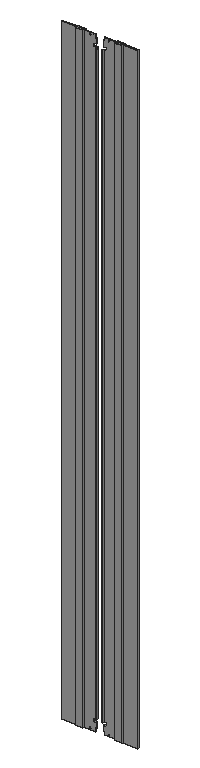
Revit family "ITK by ZPAS_ Фальшпанель вертикальная_ 42U-47U_600 мм", category Обобщенные модели, Revit 2019
Family settings
  Может служить основой для арматурных стержней = Нет
  Размер круглого соединителя = Использовать диаметр
  Тип детали = Нормальный
  На основе рабочей плоскости = Нет
  Всегда вертикально = Да
  При загрузке вырезать с полостями = Нет
  Общий = Нет
  Точка расчета площади = Нет
Parameters (values of type "В2100_Черная")
  Ширина = 500 mm
  Материал = Окраска - RAL 9005
  Изготовитель = "ITK"  # constant formula
  Дата изменения = ""
  Высота = 2100 mm
  URL = "https://www.iek.ru/"
  KSI_CPr_Строительные изделия = "61.1.04.08"  # constant formula
  KSI_CMa_Строительные материалы = "10.03.02.06"  # constant formula
  IEK_Цена за единицу = 22690.73
  IEK_Поиск в таблице имен = ""
  IEK_Описание = "Закрывают пространство между 19-дюймовыми монтажными профилями и боковой панелью шкафа. В фальшпанелях для шкафов шириной 600 мм предусмотрены отверстия для кабельных колец и установки кабельных каналов высотой 1U, что позволяет устанавливать различное дополнительное оборудование. Фальшпанели крепятся к монтажным профилям без использования инструментов."
  IEK_URL = "https://www.itk-group.ru/produktsiya/catalog/oborudovanie_telekommunikatsionnoe/kompleksnye_resheniya_dlya_tsod/shkafy_i_aksessuary_dlya_tsod/komplektuyushchie_i_aksessuary_dlya_shkafov_itk_by_zpas/paneli_peregorodki_itk_by_zpas/itk_by_zpas_falsh_panel_vertikalnaya_19_47u_600mm_chernaya_2sht_kompl"
  ADSK_Примечание = ""
  ADSK_Позиция [instance] = ""
  ADSK_Наименование = "ITK by ZPAS Фальшпанель вертикальная 19\" 47U 600 черная (2шт/компл)"
  ADSK_Материал обозначение = ""
  ADSK_Материал наименование = "Листовая сталь"  # constant formula
  ADSK_Масса = 27
  ADSK_Марка = "by ZPAS"  # constant formula
  ADSK_Код изделия = "ZP-FP05-47U-V-0600"
  ADSK_Завод-изготовитель = "IEK"  # constant formula
  ADSK_Единица измерения = "компл"  # constant formula
  ADSK_Группирование = "I. ЩИТЫ И ПУЛЬТЫ"  # constant formula
  ADSK_Версия семейства = "1.0"  # constant formula
  ADSK_Версия Revit = "2019"  # constant formula
  ADSK_URL страницы изделия = "https://www.itk-group.ru/produktsiya/catalog/oborudovanie_telekommunikatsionnoe/kompleksnye_resheniya_dlya_tsod/shkafy_i_aksessuary_dlya_tsod/komplektuyushchie_i_aksessuary_dlya_shkafov_itk_by_zpas/paneli_peregorodki_itk_by_zpas/?pagec=100"
Types (6, lengths in mm): name | Материал | Высота | IEK_Цена за единицу | IEK_Описание | IEK_URL | ADSK_Наименование | ADSK_Масса | ADSK_Код изделия
  В1900_Черная | Окраска - RAL 9005 | 1900 | 20227.33 | "Закрывают пространство между 19-дюймовыми монтажными профилями и боковой панелью шкафа. В фальшпанелях для шкафов шириной 800 мм предусмотрены отверстия для кабельных колец и установки кабельных каналов высотой 1U, что позволяет устанавливать различное дополнительное оборудование. Фальшпанели крепятся к монтажным профилям без использования инструментов." | "https://www.itk-group.ru/produktsiya/catalog/oborudovanie_telekommunikatsionnoe/kompleksnye_resheniya_dlya_tsod/shkafy_i_aksessuary_dlya_tsod/komplektuyushchie_i_aksessuary_dlya_shkafov_itk_by_zpas/paneli_peregorodki_itk_by_zpas/itk_by_zpas_falsh_panel_vertikalnaya_19_42u_600mm_chernaya_2sht_kompl" | "ITK by ZPAS Фальшпанель вертикальная 19\" 42U 600 черная (2шт/компл)" | 23 | "ZP-FP05-42U-V-0600"
  В2000_Черная | Окраска - RAL 9005 | 2000 | 21716.29 | "Закрывают пространство между 19-дюймовыми монтажными профилями и боковой панелью шкафа. В фальшпанелях для шкафов шириной 600 мм предусмотрены отверстия для кабельных колец и установки кабельных каналов высотой 1U, что позволяет устанавливать различное дополнительное оборудование. Фальшпанели крепятся к монтажным профилям без использования инструментов." | "https://www.itk-group.ru/produktsiya/catalog/oborudovanie_telekommunikatsionnoe/kompleksnye_resheniya_dlya_tsod/shkafy_i_aksessuary_dlya_tsod/komplektuyushchie_i_aksessuary_dlya_shkafov_itk_by_zpas/paneli_peregorodki_itk_by_zpas/itk_by_zpas_falsh_panel_vertikalnaya_19_45u_600mm_chernaya_2sht_kompl" | "ITK by ZPAS Фальшпанель вертикальная 19\" 45U 600 черная (2шт/компл)" | 25 | "ZP-FP05-45U-V-0600"
  В2100_Черная | Окраска - RAL 9005 | 2100 | 22690.73 | "Закрывают пространство между 19-дюймовыми монтажными профилями и боковой панелью шкафа. В фальшпанелях для шкафов шириной 600 мм предусмотрены отверстия для кабельных колец и установки кабельных каналов высотой 1U, что позволяет устанавливать различное дополнительное оборудование. Фальшпанели крепятся к монтажным профилям без использования инструментов." | "https://www.itk-group.ru/produktsiya/catalog/oborudovanie_telekommunikatsionnoe/kompleksnye_resheniya_dlya_tsod/shkafy_i_aksessuary_dlya_tsod/komplektuyushchie_i_aksessuary_dlya_shkafov_itk_by_zpas/paneli_peregorodki_itk_by_zpas/itk_by_zpas_falsh_panel_vertikalnaya_19_47u_600mm_chernaya_2sht_kompl" | "ITK by ZPAS Фальшпанель вертикальная 19\" 47U 600 черная (2шт/компл)" | 27 | "ZP-FP05-47U-V-0600"
  В1900_Серая | Окраска - RAL 7035 | 1900 | 20227.33 | "Закрывают пространство между 19-дюймовыми монтажными профилями и боковой панелью шкафа. В фальшпанелях для шкафов шириной 600 мм предусмотрены отверстия для кабельных колец и установки кабельных каналов высотой 1U, что позволяет устанавливать различное дополнительное оборудование. Фальшпанели крепятся к монтажным профилям без использования инструментов." | "https://www.itk-group.ru/produktsiya/catalog/oborudovanie_telekommunikatsionnoe/kompleksnye_resheniya_dlya_tsod/shkafy_i_aksessuary_dlya_tsod/komplektuyushchie_i_aksessuary_dlya_shkafov_itk_by_zpas/paneli_peregorodki_itk_by_zpas/itk_by_zpas_falsh_panel_vertikalnaya_19_42u_600mm_seraya_2sht_kompl" | "ITK by ZPAS Фальшпанель вертикальная 19\" 42U 600 серая (2шт/компл)" | 23 | "ZP-FP35-42U-V-0600"
  В2000_Серая | Окраска - RAL 7035 | 2000 | 21716.29 | "Закрывают пространство между 19-дюймовыми монтажными профилями и боковой панелью шкафа. В фальшпанелях для шкафов шириной 600 мм предусмотрены отверстия для кабельных колец и установки кабельных каналов высотой 1U, что позволяет устанавливать различное дополнительное оборудование. Фальшпанели крепятся к монтажным профилям без использования инструментов." | "https://www.itk-group.ru/produktsiya/catalog/oborudovanie_telekommunikatsionnoe/kompleksnye_resheniya_dlya_tsod/shkafy_i_aksessuary_dlya_tsod/komplektuyushchie_i_aksessuary_dlya_shkafov_itk_by_zpas/paneli_peregorodki_itk_by_zpas/itk_by_zpas_falsh_panel_vertikalnaya_19_45u_600mm_seraya_2sht_kompl" | "ITK by ZPAS Фальшпанель вертикальная 19\" 45U 600 серая (2шт/компл)" | 25 | "ZP-FP35-45U-V-0600"
  В2100_Серая | Окраска - RAL 7035 | 2100 | 22690.73 | "Закрывают пространство между 19-дюймовыми монтажными профилями и боковой панелью шкафа. В фальшпанелях для шкафов шириной 800 мм предусмотрены отверстия для кабельных колец и установки кабельных каналов высотой 1U, что позволяет устанавливать различное дополнительное оборудование. Фальшпанели крепятся к монтажным профилям без использования инструментов." | "https://www.itk-group.ru/produktsiya/catalog/oborudovanie_telekommunikatsionnoe/kompleksnye_resheniya_dlya_tsod/shkafy_i_aksessuary_dlya_tsod/komplektuyushchie_i_aksessuary_dlya_shkafov_itk_by_zpas/paneli_peregorodki_itk_by_zpas/itk_by_zpas_falsh_panel_vertikalnaya_19_47u_600mm_seraya_2sht_kompl" | "ITK by ZPAS Фальшпанель вертикальная 19\" 47U 600 серая (2шт/компл)" | 27 | "ZP-FP35-47U-V-0600"
Reference planes
  plane 1 "По центру (Вперед/Назад)": y = 0
  plane 2: z = 0
  plane 3 "По центру (Влево/Вправо)": x = 0
  plane 4: y = 5
  plane 5: z = 2100
  plane 6: z = 1050
  plane 7: z = 1575
  plane 8: z = 525
  plane 9: y = 4.25
Forms (mm)
  Extrusion 1, solid, material "Окраска - RAL 9005" <- "Материал", detail levels fine
    sketch origin (0, 0, 0) x (1, 0, 0) y (0, 1, 0)
      loop
        line (-11.5, 0) -> (-10, 0) -> (-10, 4.018)
        arc (-10, 4.018) -> (-10.288, 4.712) -> (-10.982, 5) r 0.982
        line (-10.982, 5) -> (-70, 5) -> (-70, 3.5) -> (-11.5, 3.5) -> (-11.5, 0)
      loop
        line (11.5, 0) -> (11.5, 3.5) -> (70, 3.5) -> (70, 5) -> (10.982, 5)
        arc (10.982, 5) -> (10.288, 4.712) -> (10, 4.018) r 0.982
        line (10, 4.018) -> (10, 0) -> (11.5, 0)
    from 0 to 2100 <- "Высота"
  Extrusion 2, void
    sketch origin (0, 0, 0) x (1, 0, 0) y (0, 0, 1)
      loop
        line (-14.233, 2100) -> (-14.233, 2090) -> (-12.455, 2090) -> (-12.455, 2070) -> (-22.455, 2070) -> (-22.455, 2062) -> (-10, 2062) -> (-10, 2100) -> (-14.233, 2100)
      loop
        circle (-31.868, 2095.413) r 2.541
      loop
        line (-14.233, 0) -> (-10, 0) -> (-10, 38) -> (-22.455, 38) -> (-22.455, 30) -> (-12.455, 30) -> (-12.455, 10) -> (-14.233, 10) -> (-14.233, 0)
      loop
        circle (-31.868, 4.587) r 2.541
      loop
        line (14.233, 2100) -> (10, 2100) -> (10, 2062) -> (22.455, 2062) -> (22.455, 2070) -> (12.455, 2070) -> (12.455, 2090) -> (14.233, 2090) -> (14.233, 2100)
      loop
        circle (31.868, 2095.413) r 2.541
      loop
        line (14.233, 0) -> (14.233, 10) -> (12.455, 10) -> (12.455, 30) -> (22.455, 30) -> (22.455, 38) -> (10, 38) -> (10, 0) -> (14.233, 0)
      loop
        circle (31.868, 4.587) r 2.541
    from 0 to -5
  Extrusion 3, solid, material "Окраска - RAL 9005", detail levels fine
    sketch origin (0, 0, 0) x (1, 0, 0) y (0, 1, 0)
      loop
        line (-54.018, 5) -> (-54.018, 10) -> (-77.854, 10) -> (-77.854, 6.755) -> (-127.854, 6.755) -> (-127.854, 1.745) -> (-77.854, 1.745) -> (-77.854, -1.5) -> (-54.018, -1.5) -> (-54.018, 3.5) -> (-70, 3.5) -> (-70, 5) -> (-54.018, 5)
      loop
        line (54.018, 5) -> (70, 5) -> (70, 3.5) -> (54.018, 3.5) -> (54.018, -1.5) -> (77.854, -1.5) -> (77.854, 1.745) -> (127.854, 1.745) -> (127.854, 6.755) -> (77.854, 6.755) -> (77.854, 10) -> (54.018, 10) -> (54.018, 5)
    from 0 to 2100 <- "Высота"
  Extrusion 4, solid, material "Условный материал-отделка", detail levels coarse+medium
    sketch origin (0, 0, 0) x (1, 0, 0) y (0, 1, 0)
      loop
        line (-127.854, -1.5) -> (-10, -1.5) -> (-10, 10) -> (-127.854, 10) -> (-127.854, -1.5)
      loop
        line (127.854, -1.5) -> (127.854, 10) -> (10, 10) -> (10, -1.5) -> (127.854, -1.5)
    from 0 to 2100 <- "Высота"
Cuts and joins
  Extrusion 2 cuts Extrusion 1
Dimensions and locks
  "Высота": plane 5 to level
  equal spacing: plane 5, plane 7, plane 6, plane 8, level
  aligned and locked: level to plane 2
  aligned and locked: plane 5 to Extrusion 1
  aligned and locked: plane 5 to Extrusion 2 sketch curve
  aligned and locked: Extrusion 2 sketch curve to plane 5
  aligned and locked: plane 4 to Extrusion 2
  aligned and locked: plane 4 to Extrusion 3 sketch curve
  aligned and locked: Extrusion 3 sketch curve to cut or joined group of Extrusion 1, Extrusion 2
  aligned and locked: Extrusion 4 sketch curve to Extrusion 3  (x2)
Automatic sketch dimensions
  plane 4 to Extrusion 4 sketch curve = 5 mm  (x2)
  Extrusion 4 sketch curve to plane 3 "По центру (Влево/Вправо)" = 10 mm
  plane 1 "По центру (Вперед/Назад)" to Extrusion 4 sketch curve = 1.5 mm  (x2)
  plane 3 "По центру (Влево/Вправо)" to Extrusion 4 sketch curve = 10 mm
  Extrusion 2 sketch curve to level = 0 mm  (x2)
  Extrusion 2 sketch curve to plane 5 = 0 mm
  Extrusion 2 sketch curve to Extrusion 2 sketch curve = 2.455 mm  (x4)
  Extrusion 2 sketch curve to plane 3 "По центру (Влево/Вправо)" = 12.455 mm
  Extrusion 2 sketch curve to Extrusion 2 sketch curve = 4.233 mm  (x2)
  Extrusion 2 sketch curve to Extrusion 2 sketch curve = 1.778 mm  (x2)
  Extrusion 2 sketch curve to Extrusion 2 sketch curve = 10 mm  (x3)
  Extrusion 2 sketch curve to Extrusion 2 sketch curve = 12.455 mm
  Extrusion 2 sketch curve to plane 5 = 4.587 mm  (x2)
  Extrusion 2 sketch curve to Extrusion 2 sketch curve = 17.635 mm  (x4)
  level to Extrusion 2 sketch curve = 4.587 mm  (x2)
  plane 3 "По центру (Влево/Вправо)" to Extrusion 2 sketch curve = 10 mm  (x2)
  level to Extrusion 2 sketch curve = 10 mm  (x2)
  Extrusion 2 sketch curve to Extrusion 2 sketch curve = 20 mm  (x2)
  Extrusion 2 sketch curve to Extrusion 2 sketch curve = 8 mm  (x4)
  Extrusion 2 sketch curve to plane 5 = 38 mm
  Extrusion 2 sketch curve to Extrusion 2 sketch curve = 0 mm
  Extrusion 2 sketch curve to plane 5 = 10 mm  (x2)
  Extrusion 1 sketch curve to plane 4 = 0 mm  (x2)
  plane 1 "По центру (Вперед/Назад)" to Extrusion 1 sketch curve = 0 mm  (x2)
  Extrusion 1 sketch curve to plane 3 "По центру (Влево/Вправо)" = 70 mm
  Extrusion 1 sketch curve to plane 4 = 1.5 mm  (x2)
  Extrusion 1 sketch curve to plane 3 "По центру (Влево/Вправо)" = 11.5 mm
  Extrusion 1 sketch curve to Extrusion 1 sketch curve = 0.518 mm  (x2)
  Extrusion 1 sketch curve to Extrusion 1 sketch curve = 1.5 mm
  Extrusion 1 sketch curve to plane 4 = 0.982 mm
  plane 3 "По центру (Влево/Вправо)" to Extrusion 1 sketch curve = 10 mm
  Extrusion 1 sketch curve to Extrusion 1 sketch curve = 58.5 mm
  Extrusion 2 sketch curve to plane 3 "По центру (Влево/Вправо)" = 31.868 mm
  Extrusion 3 sketch curve to plane 4 = 0 mm
  Extrusion 3 sketch curve to Extrusion 3 sketch curve = 7.854 mm  (x2)
  plane 1 "По центру (Вперед/Назад)" to Extrusion 3 sketch curve = 1.5 mm  (x2)
  Extrusion 3 sketch curve to Extrusion 3 sketch curve = 0 mm  (x4)
  plane 4 to Extrusion 3 sketch curve = 1.755 mm  (x2)
  Extrusion 3 sketch curve to Extrusion 3 sketch curve = 50 mm  (x2)
  plane 9 to Extrusion 3 sketch curve = 0.75 mm  (x2)
  Extrusion 3 sketch curve to Extrusion 3 sketch curve = 15.982 mm  (x2)
  plane 3 "По центру (Влево/Вправо)" to Extrusion 3 sketch curve = 54.018 mm
  Extrusion 3 sketch curve to plane 1 "По центру (Вперед/Назад)" = 1.745 mm  (x2)
  Extrusion 3 sketch curve to Extrusion 3 sketch curve = 5 mm
  Extrusion 3 sketch curve to Extrusion 3 sketch curve = 3.245 mm
  radius of Extrusion 2 sketch curve = 2.541 mm  (x4)
